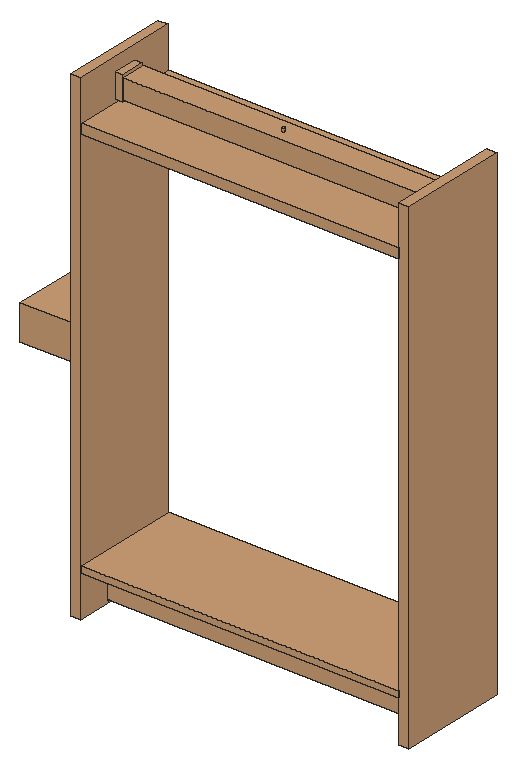
Revit family
Parameters
  Center of Unit = 0' - 0"  # constant formula
  Total Heating Capacity [instance] = 0.0 Btu/h
  Series = "VIFB"
  Outlet Area = 34.80 SF
  Lower Frame Thickness = if(Headers Height = 0' 3", 0' 1 1/4", if(Headers Height = 0' 3 1/4", 0' 1 1/4", 0' 0"))  # 0' - 1 1/4"
  Water Pressure Drop [instance] = 0.00 psi
  Water Flow [instance] = 0 GPM
  Unit Weight (lbs) = 969
  URL = "http://www.ljwing.com/"
  Water Outlet Radius = 0' - 1 1/2"
  Headers Height = if(M = 0' 1", 0' 3", if(M = 0' 1 1/2", 0' 3 1/4", 0' 0"))  # 0' - 3"
  Number of Rows = 2  # constant formula
  Number of Coils [instance] = 0
  Nominal Length = 5' - 8 5/16"
  N = 1' - 0 3/4"
  Model = "VE-6W"
  Manufacturer = "LJ Wing"
  M = 0' - 1"
  Leaving Water Temperature [instance] = 0 °F
  Leaving Air Temperature [instance] = 0 °F
  Entering Water Temperature [instance] = 0 °F
  Entering Air Temperature [instance] = 0 °F
  Description = "Vertical Integral Face & Bypass Water Heating Coils"
  Hot Water Inlet  Radius = 0' - 1 1/2"
  Coil Face Area = Outlet Area * 0.56  # 19.488 SF
  Casing Material = ""
  Assembly Code = "D3020300"
  Air Vent Radius = 0' - 0 1/4"
  Air Pressure Drop [instance] = 0.00 in-wg
  Air Inlet Width = Nominal Length - 0' 4"  # 5' - 4 5/16"
  Air Inlet Height = Y  # 6' - 6"
  Air Flow [instance] = 0 CFM
  Y = 6' - 6"
  S = 0' - 9 3/4"  # constant formula
  Product URL = "http://www.ljwing.com/html/vifb.asp"
  OmniClass = "23-75 70 21 14 "
  Nominal Height = 8' - 2"
  Nominal Depth = 1' - 10"
  R = 0' - 10 1/4"  # constant formula
  Q = 0' - 4 5/32"
Reference planes (in)
  plane 1 "Center (Front/Back)": y = 0
  plane 2: z = -39
  plane 3 "Center (Left/Right)": x = 0
  plane 4: z = 49.25
  plane 5: x = -34.15625
  plane 6: x = 34.15625
  plane 7: z = -48.75
  plane 8: z = 0
  plane 9: y = -11
  plane 10: y = 11
  plane 11: z = 39
  plane 12: z = 41
  plane 13: z = -40.25
  plane 14: x = 32.15625
  plane 15: x = -32.15625
  plane 16: x = -30
  plane 17: x = 30
  plane 18: y = 14.0625
  plane 19: x = -45.15625
  plane 20: z = 46.125
  plane 21: z = 42.125
  plane 22: y = -2.5
  plane 23: y = 2.5
  plane 24: y = -4.5
  plane 25: z = -46.375
  plane 26: x = -21.40625
  plane 27: x = 21.40625
  plane 28: z = -42.375
Forms (in)
  Extrusion 1, solid, material "Painted Finish"
    sketch origin (0, 6, -9.75) x (1, 0, 0) y (0, 0, 1)
      loop
        line (-34.15625, -39) -> (-32.15625, -39) -> (-32.15625, 59) -> (-34.15625, 59) -> (-34.15625, -39)
      loop
        line (34.15625, -39) -> (34.15625, 59) -> (32.15625, 59) -> (32.15625, -39) -> (34.15625, -39)
    from -5 to 17
  Extrusion 2, solid, material "Painted Finish"
    sketch origin (0, 6, 0) x (1, 0, 0) y (0, 0, 1)
      loop
        line (32.15625, -39) -> (-32.15625, -39) -> (-32.15625, -40.25) -> (32.15625, -40.25) -> (32.15625, -39)
      loop
        line (32.15625, 39) -> (32.15625, 41) -> (-32.15625, 41) -> (-32.15625, 39) -> (32.15625, 39)
    from -5 to 17
  Extrusion 3, solid, material "Painted Finish"
    sketch origin (0, 10, -0.5) x (1, 0, 0) y (0, 0, 1)
      loop
        line (-34.15625, 4) -> (-45.15625, 4) -> (-45.15625, -3) -> (-34.15625, -3) -> (-34.15625, 4)
    from 0 to 20
  Extrusion 4, solid, material "Painted Finish"
    sketch origin (0, 6, 0) x (1, 0, 0) y (0, 0, 1)
      loop
        line (-30.53125, 46.125) -> (-30.53125, 42.125) -> (30.53125, 42.125) -> (30.53125, 46.125) -> (-30.53125, 46.125)
    from 3.5 to 8.5
  Extrusion 5, solid, material "Painted Finish"
    sketch origin (0, 0, 0) x (1, 0, 0) y (0, 0, 1)
      loop
        line (-30.53125, 41.625) -> (-30.53125, 46.625) -> (-32.15625, 46.625) -> (-32.15625, 41.625) -> (-30.53125, 41.625)
      loop
        line (32.15625, 41.625) -> (32.15625, 46.625) -> (30.53125, 46.625) -> (30.53125, 41.625) -> (32.15625, 41.625)
    from -2.5 to 2.5
  Extrusion 6, solid, material "Painted Finish"
    sketch origin (0, 6, 0) x (1, 0, 0) y (0, 0, 1)
      loop
        line (-31.65625, -40.875) -> (-31.65625, -40.625) -> (-32.15625, -40.625) -> (-32.15625, -44.125) -> (-31.65625, -44.125) -> (-31.65625, -43.875) -> (31.65625, -43.875) -> (31.65625, -44.125) -> (32.15625, -44.125) -> (32.15625, -40.625) -> (31.65625, -40.625) -> (31.65625, -40.875) -> (-31.65625, -40.875)
      loop
        line (31.65625, -47.875) -> (31.65625, -48.125) -> (32.15625, -48.125) -> (32.15625, -44.625) -> (31.65625, -44.625) -> (31.65625, -44.875) -> (-31.65625, -44.875) -> (-31.65625, -44.625) -> (-32.15625, -44.625) -> (-32.15625, -48.125) -> (-31.65625, -48.125) -> (-31.65625, -47.875) -> (31.65625, -47.875)
    from -5 to 10.5
  Extrusion 7, void
    sketch origin (0, 0, 0) x (1, 0, 0) y (0, 0, 1)
      loop
        line (-32.15625, 39) -> (-32.15625, -39) -> (32.15625, -39) -> (32.15625, 39) -> (-32.15625, 39)
    from -11 to 11
  Extrusion 8, solid, material "Painted Finish"
    sketch origin (0, 0, 0) x (1, 0, 0) y (0, 0, 1)
      loop
        circle (21.40625, -46.375) r 1
      loop
        circle (-21.40625, -42.375) r 1
    from -14.0625 to -11
  Extrusion 9, solid, material "Painted Finish"
    sketch origin (0, 0, 0) x (1, 0, 0) y (0, 1, 0)
      loop
        circle (0, 0) r 0.25
    from 46.125 to 46.625
Cuts and joins
  Extrusion 7 cuts Extrusion 1
  Extrusion 7 cuts Extrusion 2
Dimensions and locks (in)
  "Nominal Length": plane 6 to plane 5
  equal spacing: plane 6, plane 3 "Center (Left/Right)", plane 5
  "S": plane 2 to plane 7
  "Nominal Depth": plane 10 to plane 9
  equal spacing: plane 10, plane 1 "Center (Front/Back)", plane 9
  "Y": plane 11 to plane 2
  "R": plane 4 to plane 11
  locked: plane 12 to plane 11 at 2
  "Lower Frame Thickness": plane 2 to plane 13
  "Q": plane 16 to plane 5
  "Q": plane 6 to plane 17
  locked: plane 18 to plane 10 at 3.0625
  locked: plane 5 to plane 19 at 11
  locked: Extrusion 3 sketch curve to Extrusion 3 sketch curve at 7
  locked: Extrusion 3 to Extrusion 3 at 20
  locked: plane 6 to plane 14 at 2
  locked: plane 15 to plane 5 at 2
  locked: Extrusion 5 sketch curve to plane 20 at 0.5
  locked: plane 21 to Extrusion 5 sketch curve at 0.5
  locked: plane 20 to plane 21 at 4
  locked: plane 23 to plane 22 at 5
  equal spacing: plane 23, plane 1 "Center (Front/Back)", plane 22
  locked: plane 22 to plane 24 at 2
  plane 4 to plane 7 = 8' - 2"
  locked: Extrusion 5 sketch curve to Extrusion 1 at 1.625
  locked: Extrusion 5 sketch curve to Extrusion 5 sketch curve at 1.625
  locked: Extrusion 7 sketch curve to plane 11 at 0
  locked: Extrusion 7 sketch curve to plane 15 at 0
  locked: Extrusion 7 sketch curve to plane 14 at 0
  locked: plane 15 to Extrusion 6 sketch curve at 0.5
  locked: Extrusion 6 sketch curve to Extrusion 6 sketch curve at 0.25  (x2)
  locked: plane 25 to plane 7 at 2.375
  "N": plane 26 to plane 5
  "N": plane 6 to plane 27
  locked: plane 28 to plane 7 at 6.375
  "Headers Height": Extrusion 6 sketch curve to Extrusion 6 sketch curve  (x2)
  locked: Extrusion 8 sketch curve to plane 25 at 0
  locked: Extrusion 8 sketch curve to plane 28 at 0
  locked: Extrusion 9 sketch curve to plane 1 "Center (Front/Back)" at 0
  locked: Extrusion 9 sketch curve to plane 3 "Center (Left/Right)" at 0
  equal spacing: Extrusion 6 sketch curve, plane 28, Extrusion 6 sketch curve
  equal spacing: Extrusion 6 sketch curve, plane 25, Extrusion 6 sketch curve
  locked: plane 4 to plane 20 at 3.125
  locked: Extrusion 7 sketch curve to plane 2 at 0
  equal spacing: plane 11, plane 8, plane 2
  locked: Extrusion 8 sketch curve to plane 27 at 0
  locked: Extrusion 8 sketch curve to plane 26 at 0
  "M": radius of Extrusion 8 sketch curve  (x2)
  "Air Vent Radius": radius of Extrusion 9 sketch curve
  aligned and locked: Extrusion 1 to plane 9
  aligned and locked: Extrusion 1 to plane 10
  aligned and locked: Extrusion 1 to plane 15
  aligned and locked: Extrusion 1 to plane 14
  aligned and locked: Extrusion 2 to plane 9
  aligned and locked: plane 9 to Extrusion 1
  aligned and locked: plane 10 to Extrusion 1  (x2)
  aligned and locked: Extrusion 2 to plane 10
  aligned and locked: plane 10 to Extrusion 2  (x2)
  aligned and locked: plane 9 to Extrusion 2  (x2)
  aligned and locked: plane 5 to Extrusion 3
  aligned and locked: Extrusion 5 sketch curve to plane 15
  aligned and locked: Extrusion 5 sketch curve to Extrusion 4
  aligned and locked: Extrusion 1 to Extrusion 6
  aligned and locked: plane 22 to Extrusion 5
  aligned and locked: Extrusion 5 to Extrusion 4  (x2)
  aligned and locked: Extrusion 5 to plane 23
  aligned and locked: Extrusion 6 to plane 24
  aligned and locked: Extrusion 4 to Extrusion 5  (x2)
  aligned and locked: Extrusion 5 to Extrusion 1  (x2)
  aligned and locked: Extrusion 1 to Extrusion 7  (x2)
  aligned and locked: plane 18 to Extrusion 8
  aligned and locked: Extrusion 8 to plane 10
  aligned and locked: plane 20 to Extrusion 9
  aligned and locked: Extrusion 9 to Extrusion 5
  aligned and locked: plane 2 to cut or joined group of Extrusion 2, Extrusion 7
  aligned and locked: Extrusion 1 sketch curve to plane 6
  aligned and locked: Extrusion 1 sketch curve to plane 14
  aligned and locked: Extrusion 1 sketch curve to plane 15
  aligned and locked: Extrusion 1 sketch curve to plane 5
  aligned and locked: Extrusion 1 sketch curve to plane 4  (x2)
  aligned and locked: plane 7 to Extrusion 1 sketch curve  (x2)
  aligned and locked: Extrusion 2 sketch curve to plane 11
  aligned and locked: Extrusion 2 sketch curve to plane 12
  aligned and locked: plane 2 to Extrusion 2 sketch curve
  aligned and locked: Extrusion 2 sketch curve to plane 13
  aligned and locked: plane 14 to Extrusion 2 sketch curve
  aligned and locked: plane 15 to Extrusion 2 sketch curve
  aligned and locked: Extrusion 2 sketch curve to plane 15
  aligned and locked: Extrusion 2 sketch curve to plane 14
  aligned and locked: plane 20 to Extrusion 4 sketch curve
  aligned and locked: Extrusion 4 sketch curve to plane 21
  aligned and locked: plane 14 to Extrusion 6 sketch curve  (x2)
  aligned and locked: Extrusion 6 sketch curve to plane 15  (x2)
Automatic sketch dimensions
  Extrusion 3 sketch curve to plane 19 = 0' - 0"
  Extrusion 3 sketch curve to plane 5 = 0' - 0"
  plane 8 to Extrusion 3 sketch curve = 0' - 3 1/2"
  Extrusion 4 sketch curve to plane 16 = 0' - 0 17/32"
  plane 17 to Extrusion 4 sketch curve = 0' - 0 17/32"
  plane 21 to Extrusion 5 sketch curve = 0' - 0 1/2"
  Extrusion 5 sketch curve to plane 20 = 0' - 0 1/2"
  plane 15 to Extrusion 6 sketch curve = 0' - 0 1/2"  (x2)
  Extrusion 6 sketch curve to Extrusion 6 sketch curve = 0' - 0 1/4"  (x5)
  Extrusion 6 sketch curve to Extrusion 6 sketch curve = 0' - 0"  (x2)
  Extrusion 6 sketch curve to plane 14 = 0' - 0 1/2"  (x2)
  Extrusion 6 sketch curve to Extrusion 6 sketch curve = 0' - 0 1/2"
  Extrusion 6 sketch curve to plane 7 = 0' - 0 5/8"
Connectors (in)
  hvac at (0, -11, 0), driven by "Air Inlet Height", driven by "Air Inlet Width", driven by "Air Flow", driven by "Air Pressure Drop"
    settings: on Extrusion 7, index 1
  hvac at (0, 11, 0), driven by "Air Pressure Drop", driven by "Air Inlet Height", driven by "Air Inlet Width", driven by "Air Flow"
    settings: on Extrusion 7, index 2
  piping at (-21.40625, 14.0625, -42.375), driven by "M", driven by "Water Flow", driven by "Water Pressure Drop"
    settings: on Extrusion 8, index 4
  piping at (21.40625, 14.0625, -46.375), driven by "Water Pressure Drop", driven by "Water Flow", driven by "M"
    settings: on Extrusion 8, index 5
